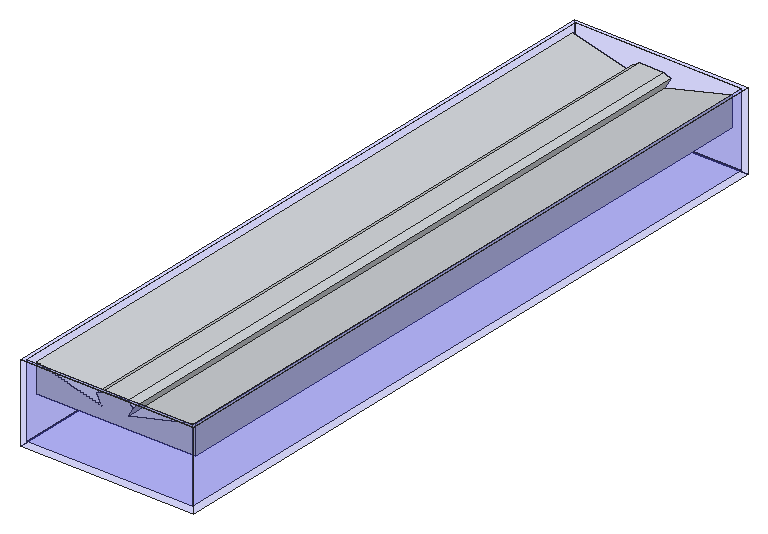
Revit family "LSER14", category Lighting Fixtures, host Face, Revit 2021
Family settings
  Host = Face
  Round Connector Dimension = Use Diameter
  Part Type = Normal
  Cut with Voids When Loaded = No
  Light Source = Yes
  Shared = No
  Room Calculation Point = No
Parameters (values of type "LSER14-30HLG-C-ESD")
  Wattage Comments = ""
  Wattage = 9.2903 W
  WIDTH = 2' - 0"
  built-in parameter 1150110 = 1 (stored number, unit not read)
  Voltage = 0 V
  URL = "https://www.currentlighting.com/columbia"
  built-in parameter 1114217 = 1 (stored number, unit not read)
  Tilt Angle = 90.00°
  built-in parameter 1150109 = 1 (stored number, unit not read)
  built-in parameter 1150134 = 3
  built-in parameter 1150113 = 1 (stored number, unit not read)
  Product Page URL = ""
  Product Documentation Link = ""
  Power Factor = 1
  Photometric Web File = "itl78337.ies"
  Number of Poles = 1
  Model = "LSER14"
  Manufacturer = "COLUMBIA"
  built-in parameter 1150105 = 109.82 (stored number, unit not read)
  Lumens = 1380 lm
  built-in parameter 1150115 = 1 (stored number, unit not read)
  built-in parameter 1150137 = (empty or 0)
  built-in parameter 1150139 = (empty or 0)
  built-in parameter 1150112 = 1 (stored number, unit not read)
  built-in parameter 1150114 = 1 (stored number, unit not read)
  Lamp = "LED"
  LEGNTH = 4' - 6"
  built-in parameter 1150132 = (empty or 0)
  built-in parameter 1150102 = (empty or 0)
  built-in parameter 1150107 = 3200 (stored number, unit not read)
  built-in parameter 1150138 = (empty or 0)
  built-in parameter 1150106 = 1.0982 (stored number, unit not read)
  built-in parameter 1150104 = 13.8 (stored number, unit not read)
  Dimming Lamp Color Temperature Shift = <None>
  Default Elevation = 4' - 0"
  Color Filter = 16777215
  built-in parameter 1114218 = 1 (stored number, unit not read)
  built-in parameter 1150133 = 10 (stored number, unit not read)
  Apparent Load = 0 VA
Types (25): name | URL | Photometric Web File
  (no name) | "https://www.currentlighting.com/columbia" | "itl78337.ies"
  LSER14-40VLG-R-ESD | "https://www.currentlighting.com/columbia" | "itl78348.ies"
  LSER14-40VLG-C-ESD | "https://www.currentlighting.com/columbia" | "itl78345.ies"
  LSER14-40MLG-R-ESD | "https://www.currentlighting.com/columbia" | "itl78336.ies"
  LSER14-40MLG-C-ESD | "https://www.currentlighting.com/columbia" | "itl78333.ies"
  LSER14-40LWG-R-ESD | "https://www.currentlighting.com/columbia" | "itl78330.ies"
  LSER14-40LWG-C-ESD | "https://www.currentlighting.com/columbia" | "itl78327.ies"
  LSER14-40HLG-R-ESD | "https://www.currentlighting.com/columbia" | "itl78342.ies"
  LSER14-40HLG-C-ESD | "https://www.currentlighting.com/columbia" | "itl78339.ies"
  LSER14-35VLG-R-ESD | "https://www.currentlighting.com/columbia" | "itl78347.ies"
  LSER14-35VLG-C-ESD | "https://www.currentlighting.com/columbia" | "itl78344.ies"
  LSER14-35MLG-R-ESD | "https://www.currentlighting.com/columbia" | "itl78335.ies"
  LSER14-35MLG-C-ESD | "https://www.currentlighting.com/columbia" | "itl78332.ies"
  LSER14-35LWG-R-ESD | "https://www.currentlighting.com/columbia" | "itl78329.ies"
  LSER14-35LWG-C-ESD | 0' - 0" | "itl78326.ies"
  LSER14-35HLG-R-ESD | "https://www.currentlighting.com/columbia" | "itl78341.ies"
  LSER14-35HLG-C-ESD | "https://www.currentlighting.com/columbia" | "itl78338.ies"
  LSER14-30VLG-R-ESD | "https://www.currentlighting.com/columbia" | "itl78346.ies"
  LSER14-30VLG-C-ESD | "https://www.currentlighting.com/columbia" | "itl78343.ies"
  LSER14-30MLG-R-ESD | "https://www.currentlighting.com/columbia" | "itl78334.ies"
  LSER14-30MLG-C-ESD | "https://www.currentlighting.com/columbia" | "itl78331.ies"
  LSER14-30LWG-R-ESD | "https://www.currentlighting.com/columbia" | "itl78328.ies"
  LSER14-30LWG-C-ESD | "https://www.currentlighting.com/columbia" | "itl78325.ies"
  LSER14-30HLG-R-ESD | "https://www.currentlighting.com/columbia" | "itl78340.ies"
  LSER14-30HLG-C-ESD | "https://www.currentlighting.com/columbia" | "itl78337.ies"
Reference planes (in)
  plane 1 "Center (Front/Back)": y = 0
  plane 2: z = 0
  plane 3 "Center (Left/Right)": x = 0
  plane 4: x = -5.75
  plane 5: y = 23.75
  plane 6: x = 5.75
  plane 7: y = -24
  plane 8: y = -23.75
Forms (in)
  Extrusion 1, solid, material "Glass"
    sketch origin (0, 0, 0) x (1, 0, 0) y (0, 1, 0)
      loop
        line (-6, 24) -> (-6, -24) -> (6, -24) -> (6, 24) -> (-6, 24)
    from 0 to -5.375
  Extrusion 2, void
    sketch origin (0, 0, 0) x (1, 0, 0) y (0, 1, 0)
      loop
        line (-5.75, 23.75) -> (-5.75, -23.75) -> (5.75, -23.75) -> (5.75, 23.75) -> (-5.75, 23.75)
    from 0 to -5.125
  Extrusion 3, solid
    sketch origin (0, 0, 0) x (1, 0, 0) y (0, 0, 1)
      loop
        line (-5.47356, -0.24239) -> (-5.47356, -2.22921) -> (5.52644, -2.22921) -> (5.52644, -0.22921) -> (0.91753, -1.37834) -> (1.29253, -0.72882) -> (0.85952, -0.47882) -> (-0.85952, -0.47882) -> (-1.29253, -0.72882) -> (-0.91753, -1.37834) -> (-5.47356, -0.24239)
    from 23.26322 to -23.14554
Cuts and joins
  Extrusion 2 cuts Extrusion 1
Lines and regions (in)
  reference lines
    curve 1: line (-5.52644, 0, -0.22921) -> (-0.91753, 0, -1.37834)
    curve 2: line (-0.91753, 0, -1.37834) -> (-1.29253, 0, -0.72882)
    curve 3: line (-1.29253, 0, -0.72882) -> (-0.85952, 0, -0.47882)
    curve 4: line (-0.85952, 0, -0.47882) -> (0, 0, -0.47882)
    curve 5: line (5.52644, 0, -0.22921) -> (0.91753, 0, -1.37834)
    curve 6: line (0.91753, 0, -1.37834) -> (1.29253, 0, -0.72882)
    curve 7: line (1.29253, 0, -0.72882) -> (0.85952, 0, -0.47882)
    curve 8: line (0.85952, 0, -0.47882) -> (0, 0, -0.47882)
Dimensions and locks (in)
  aligned and locked: plane 2 to host face
  aligned and locked: level to host face
Connectors (in)
  electrical at (0, 0, 0), driven by "Number of Poles", driven by "Voltage", driven by "Apparent Load", driven by "Power Factor"
    settings: on host face, index 1, voltage 0 V, apparent load 0 VA, apparent load phase1 0 VA, apparent load phase2 0 VA, apparent load phase3 0 VA, power factor 1, load classification "Other", number of poles 1, system type 31, power factor state 1, is connector primary yes, connector utility yes, sub classification motor no, connector description "Power"
